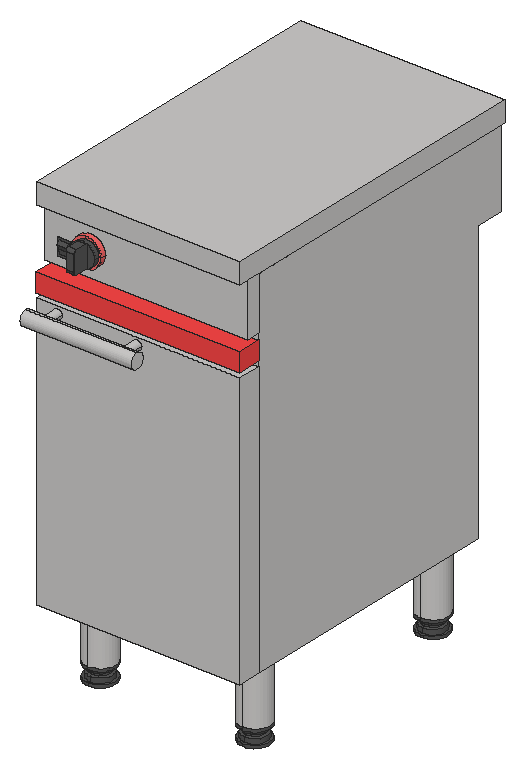
Revit family "ADB Armoire Chauffe assiettes CME 401 CA", category Equipement spécialisé, Revit 2022
Family settings
  Cote de connecteur circulaire = Utiliser le diamètre
  Type d'élément = Normal
  Numéro OmniClass = 23.40.40.14.17.11
  Titre OmniClass = Cookers, Ovens, Stoves
  Basée sur le plan de construction = Non
  Toujours verticalement = Oui
  Couper avec des vides une fois chargée = Non
  Conserver l'orientation des annotations = Non
  Partagée = Non
  Repère de localisation dans la pièce = Non
Parameters (values of type "CME 401 CA")
  URL catalogue = "https://www.ambassade-de-bourgogne.com/fr/produits/armoires/Resources/CME-401-CA.pdf"
  URL = "https://www.ambassade-de-bourgogne.com/fr/produits/armoires/Resources/CME-401-CA.pdf"
  Type de Raccord Electrique [instance] = "Bornier 40A"  # constant formula
  Type article = ""
  Tension [instance] = 230 V  # constant formula
  Spécification du Fabricant = ""
  Remarques Electricité [instance] = "230V(MONO) commutable 400V(TRI)"  # constant formula
  Puissance électrique [instance] = 1000 W
  Porte inversée [instance] = no
  Profondeur [instance] = 705 mm + if(Dosseret DSA 400, 50 mm, 0 mm)  # 705 mm
  Poids net à vide [instance] = 47.00 kg + if(Dosseret DSA 400, 1.00 kg, 0.00 kg)  # 47.00 kg
  Phase [instance] = 1  # constant formula
  Nombres de Pôles [instance] = Phase  # 1
  Modèle = "CME 401 CA"
  Longueur [instance] = 400 mm  # constant formula
  Intensité nominale [instance] = Puissance électrique / (230 V * Phase)  # 4.34783 A
  Hauteur [instance] = 900 mm + if(Dosseret DSA 400, 100 mm, 0 mm)  # 900 mm
  Fréquence [instance] = 50 Hz  # constant formula
  Fabricant = "Société Industrielle de Lacanche"  # constant formula
  Elévation par défaut = 0 mm
  Dosseret DSA 400 [instance] = no
  Dosseret [instance] = if(Dosseret DSA 400, 50 mm, 0 mm)  # 0 mm
  Description = "Chauffe assiettes"
  Connecteurs [instance] = yes
  Commentaires du type = "Gamme Ambassade - Armoires - Chauffe assiettes"
  D = 750 mm
  C = 200 mm
Reference planes
  plane 1 "Centre (avant/arrière)": y = 0
  plane 2: z = 0
  plane 3 "Centre (gauche/droite)": x = 0
  plane 4 "gauche": x = -200
  plane 5 "droite": x = 200
  plane 6 "fond de meuble": y = 325
  plane 7 "avant": y = -325
  plane 8 "arrière": y = 325
  plane 9: z = 900
  plane 10: x = 0
  plane 11: z = 750
  plane 12: y = -380
Forms (mm)
  Extrusion 1, solid, material "ADB_Network_Electricity_Yellow", visible <- "Connecteurs", detail levels medium+fine
    sketch origin (200, 315, 707) x (-1, 0, 0) y (0, 0, 1)
      loop
        circle (200, 43) r 10
    from 0 to 10
  Extrusion 2, solid, detail levels coarse
    sketch origin (0, 0, 0) x (1, 0, 0) y (0, 1, 0)
      loop
        line (-200, 325) -> (-200, -380) -> (200, -380) -> (200, 325) -> (-200, 325)
    from 0 to 900 <- "Hauteur"
  Extrusion 3, solid, material "ADB_Plastic-Black", detail levels fine
    sketch origin (180.5, -306, 834.8) x (-1, 0, 0) y (0, 0, -1)
      loop
        line (352.5, 29.5) -> (352.5, 61.5) -> (327.5, 61.5) -> (327.5, 29.5) -> (352.5, 29.5)
    from 0 to 2
  Extrusion 4, solid, material "ADB_Plastic-Black", detail levels fine
    sketch origin (-119.5, 0, -25) x (0, 1, 0) y (0, 0, 1)
      loop
        line (-308, 827.032) -> (-315.045, 821.027) -> (-309.906, 812.126) -> (-308, 802) -> (-308, 827.032)
    from -49.5 to -30.5
Dimensions and locks
  equal spacing: plane 5 "droite", plane 3 "Centre (gauche/droite)", plane 4 "gauche"
  "Longueur": plane 5 "droite" to plane 4 "gauche"
  plane 6 "fond de meuble" to plane 7 "avant" = 650 mm
  locked: plane 7 "avant" to plane 1 "Centre (avant/arrière)" at 325
  "Dosseret": plane 8 "arrière" to plane 6 "fond de meuble"
  "Hauteur": plane 9 to plane 2
  "D": plane 2 to plane 11
  "C": plane 5 "droite" to plane 10
  "Profondeur": plane 8 "arrière" to plane 12
  aligned and locked: level to plane 2
  aligned and locked: plane 3 "Centre (gauche/droite)" to nested 1
  aligned and locked: Extrusion 1 sketch curve to plane 10
  aligned and locked: plane 11 to Extrusion 1 sketch curve
  aligned and locked: plane 8 "arrière" to Extrusion 2
  aligned and locked: Extrusion 2 to plane 12
Automatic sketch dimensions
  Extrusion 2 sketch curve to plane 4 "gauche" = 0 mm
  Extrusion 2 sketch curve to plane 5 "droite" = 0 mm
  Extrusion 2 sketch curve to plane 7 "avant" = 55 mm
  plane 6 "fond de meuble" to Extrusion 2 sketch curve = 0 mm
  plane 4 "gauche" to Extrusion 3 sketch curve = 53 mm
  Extrusion 3 sketch curve to plane 11 = 23.3 mm
  Extrusion 3 sketch curve to Extrusion 3 sketch curve = 25 mm
  Extrusion 3 sketch curve to Extrusion 3 sketch curve = 32 mm
  plane 7 "avant" to Extrusion 4 sketch curve = 9.955 mm
  Extrusion 4 sketch curve to Extrusion 4 sketch curve = 5.139 mm
  Extrusion 4 sketch curve to Extrusion 4 sketch curve = 1.906 mm
  Extrusion 4 sketch curve to plane 11 = 27 mm
  Extrusion 4 sketch curve to Extrusion 4 sketch curve = 10.126 mm
  Extrusion 4 sketch curve to Extrusion 4 sketch curve = 8.901 mm
  Extrusion 4 sketch curve to Extrusion 4 sketch curve = 6.005 mm
  radius of Extrusion 1 sketch curve = 10 mm
Nested families
  nested 1: "Soubassement armoire" at (0, 0, 0), Dosseret <- "Dosseret DSA 400", Porte inversée <- "Porte inversée", type "1 armoire", detail levels medium+fine
    with Profondeur 703 mm, Porte inversée no, Porte yes, Longueur 400 mm, Hauteur 900 mm, Encombrement Porte standard yes, Encombrement Porte inversée no, Echelle yes, Décalage poignée 233.5 mm, Dosseret no, Longueur produit 400 mm
  nested 2: "Bouton" at (-109, -306, 804.565) x (1, 0, 0) z (0, -1, 0), type "Bouton"
Connectors
  electrical at (0, 315, 750), driven by "Nombres de Pôles", driven by "Tension", driven by "Puissance électrique"
    settings: on Extrusion 1, index 1, voltage 230 V, apparent load 1000 VA, apparent load phase1 0 VA, apparent load phase2 0 VA, apparent load phase3 0 VA, power factor 1, load classification "Autre", number of poles 1, system type 30, power factor state 1, is connector primary yes, connector utility no, sub classification motor no, connector description "Electrique"
Definition of nested family "Soubassement armoire"
  Parameters (values of type "1 armoire")
    Profondeur produit = 650 mm
    Profondeur baie libre = if(Baie libre, Profondeur produit - 68 mm, 1 mm)  # 582 mm
    Porte inversée [instance] = no
    Longueur poignée = 229 mm  # constant formula
    Encombrement Porte inversée [instance] = and(Porte, Porte inversée)  # no
    Encombrement Porte standard [instance] = and(Porte, not(Porte inversée))  # no
    Porte [instance] = no
    Profondeur [instance] = Profondeur produit + if(Dosseret, 50 mm, 0 mm) + 53 mm  # 703 mm
    Longueur produit = 600 mm
    Longueur [instance] = Longueur produit  # 600 mm
    Hauteur produit = 900 mm
    Hauteur [instance] = Hauteur produit + if(Dosseret, 100 mm, 0 mm)  # 900 mm
    Default Elevation = 0 mm
    Echelle [instance] = no
    Décalage poignée [instance] = if(Porte inversée, Longueur, 233.5 mm)  # 233.5 mm
    Dosseret [instance] = no
    Baie libre = yes
  Reference planes
    plane 1 "Centre (avant/arrière)": y = 0
    plane 2: z = 0
    plane 3 "Centre (gauche/droite)": x = 0
    plane 4 "Gauche": x = -300
    plane 5 "Arrière": y = 325
    plane 6 "Droite": x = 300
    plane 7 "Avant": y = -325
    plane 8 "dessous meuble": z = 155
    plane 9 "Dessus de plan": z = 900
    plane 10 "Baguette coloré": z = 696
    plane 11 "dessous plan": z = 860
    plane 12 "Face": y = -280
    plane 13 "commande": z = 755
    plane 14 "dessus dosseret": z = 900
    plane 15: y = -377.967
    plane 16: y = 325.033
    plane 17 "Baguette colorë": y = -780
    plane 18: x = -66.5
  Forms (mm)
    Extrusion 1, solid, visible <- "Porte", detail levels medium+fine
      sketch origin (-300, 0, 0) x (0, 1, 0) y (0, 0, 1)
        loop
          line (-325, 155) -> (-280, 155) -> (-280, 696) -> (-325, 696) -> (-325, 155)
      from 0 to 600 <- "Longueur"
    Extrusion 2, solid, detail levels medium+fine
      sketch origin (-300, 0, 0) x (0, 1, 0) y (0, 0, 1)
        loop
          line (-280, 742.5) -> (-327, 742.5) -> (-327, 705) -> (-280, 705) -> (-280, 742.5)
      from 0 to 600 <- "Longueur"
    Extrusion 3, solid, detail levels medium+fine
      sketch origin (-300, 0, 0) x (0, 1, 0) y (0, 0, 1)
        loop
          line (325, 900) -> (-325, 900) -> (-325, 860) -> (325, 860) -> (325, 900)
      from 0 to 600 <- "Longueur"
    Extrusion 4, void
      sketch origin (0, -325, 0) x (-1, 0, 0) y (0, 0, 1)
        loop
          line (266, 679) -> (-266, 679) -> (-266, 261.5) -> (266, 261.5) -> (266, 679)
      from 0 to 582 <- "Profondeur baie libre"
    Extrusion 5, solid, detail levels medium+fine
      sketch origin (-300, 0, 0) x (0, 1, 0) y (0, 0, 1)
        loop
          line (-280, 860) -> (-306, 860) -> (-306, 755) -> (-280, 755) -> (-280, 860)
      from 0 to 600 <- "Longueur"
    Extrusion 6, solid, detail levels medium+fine
      sketch origin (-300, 0, 0) x (0, 1, 0) y (0, 0, 1)
        loop
          line (315, 860) -> (-280, 860) -> (-280, 155) -> (260, 155) -> (260, 707) -> (315, 707) -> (315, 860)
      from 0 to 600 <- "Longueur"
    Revolve 7, solid, detail levels medium+fine
      sketch origin (251.965, 0, 0) x (0, 1, 0) y (0, 0, -1)
        loop
          line (-258.968, -155) -> (-229, -155) -> (-229, 0) -> (-258.492, 0) -> (-258.492, -5) -> (-253.001, -5) -> (-253.001, -13.586) -> (-248.857, -16.488) -> (-248.857, -22) -> (-252.82, -22) -> (-258.968, -28.148) -> (-258.968, -34) -> (-258.968, -155)
        axis (-229, 0) -> (-229, -155)
      angle from 0 to 360
    Revolve 8, solid, detail levels medium+fine
      sketch origin (-251.965, 0, 0) x (0, 1, 0) y (0, 0, 1)
        loop
          line (-258.968, 155) -> (-258.968, 34) -> (-258.968, 28.148) -> (-252.82, 22) -> (-248.857, 22) -> (-248.857, 16.488) -> (-253.001, 13.586) -> (-253.001, 5) -> (-258.492, 5) -> (-258.492, 0) -> (-229, 0) -> (-229, 155) -> (-258.968, 155)
        axis (-229, 0) -> (-229, 155)
      angle from 0 to 360
    Revolve 9, solid, detail levels medium+fine
      sketch origin (-251.965, -20, 0) x (0, -1, 0) y (0, 0, -1)
        loop
          line (-258.968, -155) -> (-229, -155) -> (-229, 0) -> (-258.492, 0) -> (-258.492, -5) -> (-253.001, -5) -> (-253.001, -13.586) -> (-248.857, -16.488) -> (-248.857, -22) -> (-252.82, -22) -> (-258.968, -28.148) -> (-258.968, -34) -> (-258.968, -155)
        axis (-229, 0) -> (-229, -155)
      angle from 0 to 360
    Extrusion 10, solid, visible <- "Dosseret", detail levels medium+fine
      sketch origin (-300, 0, 0) x (0, 1, 0) y (0, 0, 1)
        loop
          line (375.033, 1000) -> (325, 1000) -> (325, 860) -> (375.033, 860) -> (375.033, 1000)
      from 0 to 600 <- "Longueur"
    Revolve 11, solid, detail levels medium+fine
      sketch origin (251.965, -20, 0) x (0, -1, 0) y (0, 0, 1)
        loop
          line (-258.968, 155) -> (-258.968, 34) -> (-258.968, 28.148) -> (-252.82, 22) -> (-248.857, 22) -> (-248.857, 16.488) -> (-253.001, 13.586) -> (-253.001, 5) -> (-258.492, 5) -> (-258.492, 0) -> (-229, 0) -> (-229, 155) -> (-258.968, 155)
        axis (-229, 0) -> (-229, 155)
      angle from 0 to 360
    Extrusion 12, void
      sketch origin (0, 0, 900) x (0, -1, 0) y (1, 0, 0)
        loop
          line (-307.033, -266.567) -> (-293.033, -266.567) -> (-293.033, 266.464) -> (-307.033, 266.464) -> (-307.033, -266.567)
      from 0 to -0.8
    Extrusion 13, solid, detail levels medium+fine
      sketch origin (-300, 260, 155) x (0, 0, 1) y (1, 0, 0)
        loop
          line (65, 454) -> (65, 146) -> (552, 146) -> (552, 454) -> (65, 454)
      from 0 to 35
    Extrusion 14, solid, visible <- "Echelle"
      sketch origin (0, 0, 0) x (1, 0, 0) y (0, 0, 1)
        loop
          line (-266, 648.8) -> (-266, 623.8) -> (-256.5, 623.8) -> (-256.5, 625) -> (-264.8, 625) -> (-264.8, 647.6) -> (-248, 647.6) -> (-248, 648.8) -> (-266, 648.8)
        loop
          line (-266, 548.8) -> (-266, 523.8) -> (-256.5, 523.8) -> (-256.5, 525) -> (-264.8, 525) -> (-264.8, 547.6) -> (-248, 547.6) -> (-248, 548.8) -> (-266, 548.8)
        loop
          line (-266, 448.8) -> (-266, 423.8) -> (-256.5, 423.8) -> (-256.5, 425) -> (-264.8, 425) -> (-264.8, 447.6) -> (-248, 447.6) -> (-248, 448.8) -> (-266, 448.8)
        loop
          line (-266, 348.8) -> (-266, 323.8) -> (-256.5, 323.8) -> (-256.5, 325) -> (-264.8, 325) -> (-264.8, 347.6) -> (-248, 347.6) -> (-248, 348.8) -> (-266, 348.8)
      from -113.466 to 206.5
    Extrusion 15, solid, visible <- "Echelle"
      sketch origin (0, 0, 0) x (-1, 0, 0) y (0, 0, -1)
        loop
          line (-266, -648.8) -> (-248, -648.8) -> (-248, -647.6) -> (-264.8, -647.6) -> (-264.8, -625) -> (-256.5, -625) -> (-256.5, -623.8) -> (-266, -623.8) -> (-266, -648.8)
        loop
          line (-266, -548.8) -> (-248, -548.8) -> (-248, -547.6) -> (-264.8, -547.6) -> (-264.8, -525) -> (-256.5, -525) -> (-256.5, -523.8) -> (-266, -523.8) -> (-266, -548.8)
        loop
          line (-266, -448.8) -> (-248, -448.8) -> (-248, -447.6) -> (-264.8, -447.6) -> (-264.8, -425) -> (-256.5, -425) -> (-256.5, -423.8) -> (-266, -423.8) -> (-266, -448.8)
        loop
          line (-266, -348.8) -> (-248, -348.8) -> (-248, -347.6) -> (-264.8, -347.6) -> (-264.8, -325) -> (-256.5, -325) -> (-256.5, -323.8) -> (-266, -323.8) -> (-266, -348.8)
      from -113.466 to 206.5
  Cuts and joins
    Extrusion 4 cuts Extrusion 6
    Extrusion 12 cuts Extrusion 10
  Lines and regions (mm)
    symbolic lines, visible <- "Encombrement Porte standard"
      curve 1: line (300, -280, 155) -> (300, -880, 155)
      curve 4: arc (-300, -280, 155) -> (-124.264, -704.264, 155) -> (300, -880, 155) r 600
    symbolic lines, visible <- "Encombrement Porte inversée"
      curve 2: line (-300, -280, 155) -> (-300, -880, 155)
      curve 3: arc (300, -280, 155) -> (124.264, -704.264, 155) -> (-300, -880, 155) r 600
  Dimensions and locks
    equal spacing: plane 7 "Avant", plane 1 "Centre (avant/arrière)", plane 5 "Arrière"
    "Profondeur produit": plane 5 "Arrière" to plane 7 "Avant"
    equal spacing: plane 4 "Gauche", plane 3 "Centre (gauche/droite)", plane 6 "Droite"
    "Longueur produit": plane 4 "Gauche" to plane 6 "Droite"
    "Hauteur produit": plane 9 "Dessus de plan" to plane 2
    locked: plane 8 "dessous meuble" to plane 2 at 155
    locked: plane 9 "Dessus de plan" to plane 11 "dessous plan" at 40
    locked: plane 7 "Avant" to plane 12 "Face" at 45
    locked: plane 13 "commande" to plane 10 "Baguette coloré" at 59
    locked: plane 11 "dessous plan" to plane 13 "commande" at 105
    Extrusion 4 sketch curve to plane 8 "dessous meuble" = 106.5 mm
    Extrusion 4 sketch curve to plane 6 "Droite" = 34 mm
    Extrusion 4 sketch curve to plane 4 "Gauche" = 34 mm
    plane 10 "Baguette coloré" to Extrusion 4 sketch curve = 17 mm
    "Hauteur": plane 14 "dessus dosseret" to plane 2
    locked: plane 7 "Avant" to plane 15 at 52.967
    "Profondeur": plane 15 to plane 16
    equal spacing: Extrusion 13 sketch curve, plane 3 "Centre (gauche/droite)", Extrusion 13 sketch curve
    "Décalage poignée": plane 18 to plane 4 "Gauche"
    locked: plane 4 "Gauche" to Revolve 9 at 18.067
    locked: Revolve 11 to plane 6 "Droite" at 18.067
    locked: Revolve 7 to plane 6 "Droite" at 18.067
    locked: plane 4 "Gauche" to Revolve 8 at 18.067
    locked: Revolve 8 to plane 12 "Face" at 21.032
    locked: Revolve 7 to plane 12 "Face" at 21.032
    locked: plane 5 "Arrière" to Extrusion 10 sketch curve at 50.033
    plane 16 to Extrusion 12 sketch curve to Extrusion 12 sketch curve = 18 mm locked, 14 mm locked
    aligned and locked: level to plane 2
    aligned and locked: plane 18 to nested 1
  Automatic sketch dimensions
    Extrusion 1 sketch curve to plane 7 "Avant" = 0 mm
    Extrusion 1 sketch curve to plane 10 "Baguette coloré" = 0 mm
    Extrusion 1 sketch curve to plane 12 "Face" = 0 mm
    Extrusion 1 sketch curve to plane 8 "dessous meuble" = 0 mm
    Extrusion 2 sketch curve to plane 12 "Face" = 0 mm
    Extrusion 2 sketch curve to plane 7 "Avant" = 2 mm
    plane 10 "Baguette coloré" to Extrusion 2 sketch curve = 9 mm
    Extrusion 2 sketch curve to plane 13 "commande" = 12.5 mm
    Extrusion 3 sketch curve to plane 7 "Avant" = 0 mm
    Extrusion 3 sketch curve to plane 5 "Arrière" = 0 mm
    Extrusion 3 sketch curve to plane 11 "dessous plan" = 0 mm
    Extrusion 3 sketch curve to plane 9 "Dessus de plan" = 0 mm
    Extrusion 5 sketch curve to plane 11 "dessous plan" = 0 mm
    Extrusion 5 sketch curve to plane 13 "commande" = 0 mm
    Extrusion 5 sketch curve to plane 12 "Face" = 0 mm
    plane 7 "Avant" to Extrusion 5 sketch curve = 19 mm
    Extrusion 6 sketch curve to plane 11 "dessous plan" = 0 mm
    Extrusion 6 sketch curve to plane 12 "Face" = 0 mm
    Extrusion 6 sketch curve to plane 8 "dessous meuble" = 0 mm
    Extrusion 6 sketch curve to plane 5 "Arrière" = 65 mm
    Extrusion 6 sketch curve to plane 5 "Arrière" = 10 mm
    plane 10 "Baguette coloré" to Extrusion 6 sketch curve = 11 mm
    Revolve 7 sketch curve to plane 8 "dessous meuble" = 0 mm
    Revolve 7 sketch curve to level = 0 mm
    plane 12 "Face" to Revolve 7 sketch curve = 21.032 mm
    plane 12 "Face" to Revolve 7 sketch curve = 21.508 mm
    Revolve 7 sketch curve to Revolve 7 sketch curve = 5.491 mm
    Revolve 7 sketch curve to Revolve 7 sketch curve = 0.181 mm
    Revolve 7 sketch curve to Revolve 7 sketch curve = 3.964 mm
    Revolve 7 sketch curve to Revolve 7 sketch curve = 24.001 mm
    level to Revolve 7 sketch curve = 34 mm
    Revolve 7 sketch curve to Revolve 7 sketch curve = 5.852 mm
    Revolve 7 sketch curve to Revolve 7 sketch curve = 6.148 mm
    Revolve 7 sketch curve to Revolve 7 sketch curve = 5.512 mm
    Revolve 7 sketch curve to Revolve 7 sketch curve = 2.902 mm
    level to Revolve 7 sketch curve = 5 mm
    Revolve 7 sketch curve to Revolve 7 sketch curve = 0 mm
    plane 8 "dessous meuble" to Revolve 7 sketch curve = 19 mm
    Revolve 7 sketch curve to Revolve 7 sketch curve = 12 mm
    Revolve 8 sketch curve to plane 8 "dessous meuble" = 0 mm
    Revolve 8 sketch curve to level = 0 mm
    plane 12 "Face" to Revolve 8 sketch curve = 21.032 mm
    plane 12 "Face" to Revolve 8 sketch curve = 21.508 mm
    Revolve 8 sketch curve to Revolve 8 sketch curve = 5.491 mm
    Revolve 8 sketch curve to Revolve 8 sketch curve = 0.181 mm
    Revolve 8 sketch curve to Revolve 8 sketch curve = 3.964 mm
    Revolve 8 sketch curve to Revolve 8 sketch curve = 24.001 mm
    level to Revolve 8 sketch curve = 5 mm
    Revolve 8 sketch curve to Revolve 8 sketch curve = 8.586 mm
    Revolve 8 sketch curve to Revolve 8 sketch curve = 2.902 mm
    Revolve 8 sketch curve to Revolve 8 sketch curve = 5.512 mm
    Revolve 8 sketch curve to Revolve 8 sketch curve = 6.148 mm
    Revolve 8 sketch curve to Revolve 8 sketch curve = 5.852 mm
    Revolve 8 sketch curve to Revolve 8 sketch curve = 0 mm
    Revolve 8 sketch curve to Revolve 8 sketch curve = 12 mm
    plane 8 "dessous meuble" to Revolve 8 sketch curve = 19 mm
    Revolve 9 sketch curve to plane 8 "dessous meuble" = 0 mm
    Revolve 9 sketch curve to level = 0 mm
    level to Revolve 9 sketch curve = 28.148 mm
    Revolve 9 sketch curve to plane 5 "Arrière" = 86.032 mm
    Revolve 9 sketch curve to Revolve 9 sketch curve = 0.477 mm
    level to Revolve 9 sketch curve = 13.586 mm
    Revolve 9 sketch curve to Revolve 9 sketch curve = 5.491 mm
    Revolve 9 sketch curve to Revolve 9 sketch curve = 0.181 mm
    Revolve 9 sketch curve to Revolve 9 sketch curve = 3.964 mm
    Revolve 9 sketch curve to Revolve 9 sketch curve = 24.001 mm
    Revolve 9 sketch curve to Revolve 9 sketch curve = 5.852 mm
    Revolve 9 sketch curve to Revolve 9 sketch curve = 8.414 mm
    Revolve 9 sketch curve to Revolve 9 sketch curve = 2.902 mm
    level to Revolve 9 sketch curve = 5 mm
    Revolve 9 sketch curve to Revolve 9 sketch curve = 0 mm
    plane 8 "dessous meuble" to Revolve 9 sketch curve = 19 mm
    Revolve 9 sketch curve to Revolve 9 sketch curve = 12 mm
    Extrusion 10 sketch curve to plane 5 "Arrière" = 0 mm
    Extrusion 10 sketch curve to plane 11 "dessous plan" = 0 mm
    plane 9 "Dessus de plan" to Extrusion 10 sketch curve = 100 mm
    curve 3 to plane 6 "Droite" = 0 mm
    curve 3 to plane 4 "Gauche" = 0 mm
    curve 4 to plane 4 "Gauche" = 0 mm
    curve 4 to plane 12 "Face" = 0 mm
    curve 2 to plane 12 "Face" = 0 mm
    curve 3 to plane 12 "Face" = 0 mm
    Revolve 11 sketch curve to plane 8 "dessous meuble" = 0 mm
    Revolve 11 sketch curve to level = 0 mm
    level to Revolve 11 sketch curve = 28.148 mm
    Revolve 11 sketch curve to plane 5 "Arrière" = 86.032 mm
    Revolve 11 sketch curve to Revolve 11 sketch curve = 0.477 mm
    level to Revolve 11 sketch curve = 13.586 mm
    Revolve 11 sketch curve to Revolve 11 sketch curve = 5.491 mm
    Revolve 11 sketch curve to Revolve 11 sketch curve = 0.181 mm
    Revolve 11 sketch curve to Revolve 11 sketch curve = 3.964 mm
    Revolve 11 sketch curve to Revolve 11 sketch curve = 24.001 mm
    level to Revolve 11 sketch curve = 5 mm
    Revolve 11 sketch curve to Revolve 11 sketch curve = 2.902 mm
    Revolve 11 sketch curve to Revolve 11 sketch curve = 5.512 mm
    Revolve 11 sketch curve to Revolve 11 sketch curve = 5.852 mm
    Revolve 11 sketch curve to Revolve 11 sketch curve = 0 mm
    Revolve 11 sketch curve to Revolve 11 sketch curve = 12 mm
    plane 8 "dessous meuble" to Revolve 11 sketch curve = 19 mm
    plane 4 "Gauche" to Extrusion 12 sketch curve = 33.433 mm
    plane 6 "Droite" to Extrusion 12 sketch curve = 33.536 mm
    Extrusion 13 sketch curve to Extrusion 6 = 0 mm
    Extrusion 6 to Extrusion 13 sketch curve = 65 mm
    Extrusion 6 to Extrusion 13 sketch curve = 146 mm
    plane 4 "Gauche" to Extrusion 14 sketch curve = 34 mm  (x4)
    Extrusion 14 sketch curve to Extrusion 14 sketch curve = 1.2 mm  (x12)
    Extrusion 14 sketch curve to Extrusion 14 sketch curve = 8.3 mm  (x4)
    Extrusion 14 sketch curve to Extrusion 14 sketch curve = 16.8 mm  (x4)
    plane 8 "dessous meuble" to Extrusion 14 sketch curve = 168.8 mm
    Extrusion 14 sketch curve to Extrusion 14 sketch curve = 22.6 mm  (x4)
    Extrusion 14 sketch curve to Extrusion 14 sketch curve = 75 mm  (x2)
    Extrusion 14 sketch curve to plane 10 "Baguette coloré" = 72.2 mm
    plane 6 "Droite" to Extrusion 15 sketch curve = 34 mm  (x4)
    Extrusion 15 sketch curve to Extrusion 15 sketch curve = 1.2 mm  (x12)
    Extrusion 15 sketch curve to Extrusion 15 sketch curve = 8.3 mm  (x4)
    Extrusion 15 sketch curve to Extrusion 15 sketch curve = 16.8 mm  (x4)
    Extrusion 15 sketch curve to plane 10 "Baguette coloré" = 47.2 mm
    Extrusion 15 sketch curve to Extrusion 15 sketch curve = 22.6 mm  (x4)
    Extrusion 15 sketch curve to Extrusion 15 sketch curve = 75 mm  (x3)
    curve 1 to plane 6 "Droite" = 0 mm
    curve 1 to plane 12 "Face" = 0 mm
  Nested families
    nested 1: "Poignée" at (-181, -325, 681.933) x (1, 0, 0) z (0, -1, 0), visible <- "Porte", Longueur <- "Longueur poignée", type "Poignée", detail levels fine
      with Longueur 229 mm
  Definition of nested family "Poignée"
    Parameters (values of type "Poignée")
      Longueur [instance] = 800 mm
      Default Elevation = 1219.2 mm
    Reference planes
      plane 1 "Centre (avant/arrière)": y = 0
      plane 2: z = 0
      plane 3 "Centre (gauche/droite)": x = 0
      plane 4: x = -400
      plane 5: x = 400
      plane 6: x = -395
      plane 7: x = 395
    Forms (mm)
      Extrusion 1, solid
        sketch origin (0, 0, 0) x (1, 0, 0) y (0, 1, 0)
          loop
            line (-1219.2, 1219.2) -> (-1219.2, -1219.2) -> (1219.2, -1219.2) -> (1219.2, 1219.2) -> (-1219.2, 1219.2)
        from 0 to -304.8
      Extrusion 2, solid
        sketch origin (0, 0, 0) x (0, 1, 0) y (0, 0, 1)
          loop
            circle (0, 38.995) r 13.972
        from -395 to 395
      Extrusion 3, solid
        sketch origin (0, 0, 0) x (1, 0, 0) y (0, 1, 0)
          loop
            circle (-363.542, 0) r 8.5
          loop
            circle (363.453, 0) r 8.5
        from 0 to 37.089
    Cuts and joins
      joined: Extrusion 2, Extrusion 3
    Dimensions and locks
      equal spacing: plane 4, plane 3 "Centre (gauche/droite)", plane 5
      "Longueur": plane 4 to plane 5
      locked: plane 4 to plane 6 at 5
      locked: plane 7 to plane 5 at 5
      locked: plane 6 to Extrusion 3 sketch curve at 31.458
      locked: Extrusion 3 sketch curve to plane 7 at 31.547
      aligned and locked: plane 2 to Extrusion 1
      aligned and locked: level to Extrusion 1
      aligned and locked: plane 6 to Extrusion 2
      aligned and locked: Extrusion 2 to plane 7
      aligned and locked: plane 1 "Centre (avant/arrière)" to Extrusion 3 sketch curve
    Automatic sketch dimensions
      Extrusion 1 sketch curve to Extrusion 1 sketch curve = 2438.4 mm  (x2)
      Extrusion 2 sketch curve to plane 1 "Centre (avant/arrière)" = 0 mm
      level to Extrusion 2 sketch curve = 38.995 mm
      plane 1 "Centre (avant/arrière)" to Extrusion 3 sketch curve = 0 mm
      radius of Extrusion 2 sketch curve = 13.972 mm
      radius of Extrusion 3 sketch curve = 8.5 mm  (x2)
Definition of nested family "Bouton"
  Parameters (values of type "Bouton")
    Matériau base bouton = none
    Default Elevation = 1219.2 mm
  Reference planes
    plane 1 "Centre (avant/arrière)": y = 0
    plane 2: z = 0
    plane 3 "Centre (gauche/droite)": x = 0
  Forms (mm)
    Extrusion 1, solid
      sketch origin (0, 0, 0) x (1, 0, 0) y (0, 1, 0)
        loop
          line (-1219.2, 1219.2) -> (-1219.2, -1219.2) -> (1219.2, -1219.2) -> (1219.2, 1219.2) -> (-1219.2, 1219.2)
      from 0 to -304.8
    Extrusion 2, solid, material <- "Matériau base bouton", detail levels fine
      sketch origin (0, 0, 0) x (1, 0, 0) y (0, 1, 0)
        loop
          circle (0, 0) r 28.5
      from 0 to 11.5
    Extrusion 3, solid, detail levels fine
      sketch origin (0, 0, 0) x (1, 0, 0) y (0, 1, 0)
        loop
          circle (0, 0) r 24.1
      from 11.5 to 20.5
    Extrusion 4, solid, detail levels fine
      sketch origin (0, 0, 0) x (1, 0, 0) y (0, 0, 1)
        loop
          line (-8.082, 20.5) -> (8.082, 20.5) -> (7.58, 49.253)
          arc (7.58, 49.253) -> (6.684, 51.34) -> (4.581, 52.2) r 3
          line (4.581, 52.2) -> (-4.581, 52.2)
          arc (-4.581, 52.2) -> (-6.684, 51.34) -> (-7.58, 49.253) r 3
          line (-7.58, 49.253) -> (-8.082, 20.5)
      from -22.082 to 22.162
    Extrusion 5, void
      sketch origin (0, 0, 0) x (0, 1, 0) y (0, 0, 1)
        loop
          line (-15.762, 50.701) -> (15.682, 50.701)
          arc (15.682, 50.701) -> (20.208, 48.826) -> (22.082, 44.301) r 6.4
          line (22.082, 44.301) -> (22.082, 41.701) -> (24.232, 41.701) -> (24.232, 54.688) -> (-24.768, 54.688) -> (-24.768, 41.701) -> (-22.162, 41.701) -> (-22.162, 44.301)
          arc (-22.162, 44.301) -> (-20.287, 48.826) -> (-15.762, 50.701) r 6.4
      from -15.908 to 13.709
  Cuts and joins
    Extrusion 5 cuts Extrusion 4
  Lines and regions (mm)
    symbolic lines, detail levels fine
      curve 1: line (0, -28.5, 0) -> (0, 28.5, 0)
  Dimensions and locks
    aligned and locked: plane 2 to Extrusion 1
    aligned and locked: level to Extrusion 1
